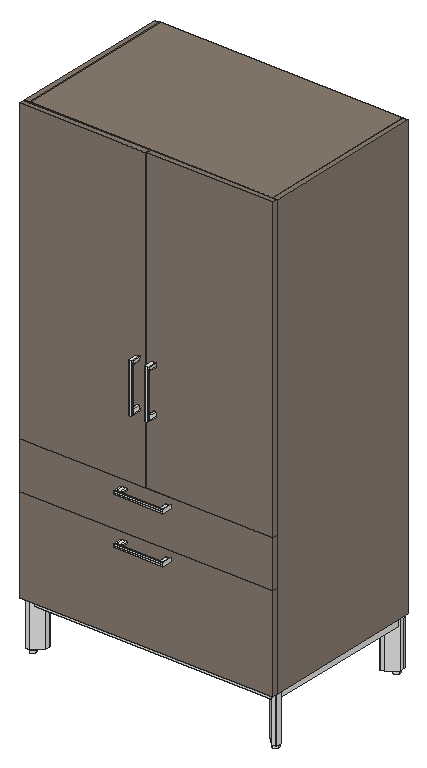
Revit family "Storage-Teknion-CTCE_Double_Combination_Tower_Elevated-R2021", category Furniture, Revit 2021 (continued)
Dimensions and locks (in)
  locked: Sweep 6 sketch curve to plane 5 "Right" at 0.72441
  Sweep 7 sketch curve to Sweep 7 sketch curve to plane 9 = 1.03937" locked, 61.96063" locked
  "Shelf 5/Top 6E - Front Distance": plane 7 "Front" to Sweep 7 sketch curve
  locked: plane 4 "Left" to Sweep 7 sketch curve at 0.72441
  locked: Sweep 7 sketch curve to plane 5 "Right" at 0.72441
  locked: Sweep 8 sketch curve to plane 9 at 1.03937
  locked: plane 4 "Left" to Sweep 8 sketch curve at 0.72441
  locked: Sweep 8 sketch curve to plane 5 "Right" at 0.72441
  Sweep 9 sketch curve to Sweep 9 sketch curve to plane 9 = 1.03937" locked, 75.71063" locked
  locked: plane 4 "Left" to Sweep 9 sketch curve at 0.72441
  locked: Sweep 9 sketch curve to plane 5 "Right" at 0.72441
  locked: Sweep 10 sketch curve to plane 2 at 0.5
  plane 6 "Back" to Sweep 10 sketch curve to Sweep 10 sketch curve to Sweep 10 sketch curve to Sweep 10 sketch curve to Sweep 10 sketch curve to Sweep 10 sketch curve = 0.36811" locked, 0.100" locked, 0.60711" locked, 0.56569" locked, 0.60711" locked, 0.100" locked  (x2)
  plane 4 "Left" to Sweep 10 sketch curve to Sweep 10 sketch curve to Sweep 10 sketch curve to Sweep 10 sketch curve to Sweep 10 sketch curve to Sweep 10 sketch curve = 0.125" locked, 0.100" locked, 0.60711" locked, 0.56569" locked, 0.60711" locked, 0.100" locked  (x2)
  Sweep 10 sketch curve to Sweep 10 sketch curve to Sweep 10 sketch curve to Sweep 10 sketch curve to Sweep 10 sketch curve to Sweep 10 sketch curve to plane 5 "Right" = 0.100" locked, 0.60711" locked, 0.56569" locked, 0.60711" locked, 0.100" locked, 0.125" locked  (x2)
  plane 7 "Front" to Sweep 10 sketch curve to Sweep 10 sketch curve to Sweep 10 sketch curve to Sweep 10 sketch curve to Sweep 10 sketch curve to Sweep 10 sketch curve = 0.84252" locked, 0.100" locked, 0.60711" locked, 0.56569" locked, 0.60711" locked, 0.100" locked  (x2)
  locked: plane 9 to Sweep 11 sketch curve at 0.25
  plane 4 "Left" to Sweep 11 sketch curve to Sweep 11 sketch curve = 0.650" locked, 3.000" locked
  Sweep 11 sketch curve to Sweep 11 sketch curve to plane 5 "Right" = 3.000" locked, 0.650" locked
  plane 6 "Back" to Sweep 11 sketch curve to Sweep 11 sketch curve = 0.89311" locked, 3.000" locked
  plane 7 "Front" to Sweep 11 sketch curve to Sweep 11 sketch curve = 1.36752" locked, 3.000" locked
  locked: plane 4 "Left" to Sweep 12 sketch curve at 0.4
  locked: Sweep 12 sketch curve to plane 5 "Right" at 0.4
  Sweep 12 sketch curve to Sweep 12 sketch curve to Sweep 12 sketch curve to plane 6 "Back" = 0.500" locked, 0.250" locked, 0.64311" locked
  plane 9 to Sweep 12 sketch curve to Sweep 12 sketch curve = 0.250" locked, 0.875" locked
  locked: Sweep 13 sketch curve to plane 2 at 0.27559
  locked: plane 4 "Left" to Sweep 13 sketch curve at 0.75355  (x2)
  locked: plane 6 "Back" to Sweep 13 sketch curve at 0.997  (x2)
  locked: Sweep 13 sketch curve to plane 5 "Right" at 0.75355  (x2)
  locked: plane 7 "Front" to Sweep 13 sketch curve at 1.471  (x2)
  Sweep 14 sketch curve to Sweep 14 sketch curve to plane 2 = 0.22441" locked, 0.27559" locked
  locked: plane 4 "Left" to Sweep 14 sketch curve at 0.75355  (x2)
  locked: plane 6 "Back" to Sweep 14 sketch curve at 0.997  (x2)
  locked: Sweep 14 sketch curve to plane 5 "Right" at 0.75355  (x2)
  "Cut-Out - Knife 1": Sweep 15 sketch curve to Sweep 15 sketch curve
  locked: Sweep 15 sketch curve to plane 3 "Center Left/Right" at 20
  locked: Sweep 16 sketch curve to plane 3 "Center Left/Right" at 20
  "Cut-Out - Knife 2": Sweep 16 sketch curve to Sweep 16 sketch curve
  "Shelf 5/Top 6E - Back Distance": plane 6 "Back" to Sweep 7 sketch curve
  locked: plane 6 "Back" to Sweep 6 sketch curve at 1.47441
  locked: plane 7 "Front" to Sweep 4 sketch curve at 0.84252
  Sweep 15 sketch curve to Sweep 15 sketch curve to Sweep 15 sketch curve to Sweep 15 sketch curve to plane 9 = 1.07973" locked, 12.67027" locked, 1.07973" locked, 34.29511" locked
  Sweep 3 sketch curve to Sweep 3 sketch curve to plane 2 = 1.03937" locked, 20.23031" locked
  locked: plane 6 "Back" to Sweep 12 sketch curve at 0.64311
  locked: plane 7 "Front" to Sweep 12 sketch curve at 1.11752
  locked: plane 7 "Front" to Sweep 14 sketch curve at 1.471
  plane 7 "Front" to Sweep 14 sketch curve = 1.471"
  locked: plane 7 "Front" to Sweep 9 sketch curve at 0.84252
  plane 6 "Back" to Sweep 8 sketch curve to Sweep 8 sketch curve = 0.750" locked, 0.72441" locked
  Sweep 4 sketch curve to Sweep 4 sketch curve to plane 9 = 0.72441" locked, 19.52559" locked
  locked: plane 7 "Front" to Sweep 2 sketch curve at 0.84252
  locked: plane 7 "Front" to Sweep 1 sketch curve at 0.84252
  locked: plane 7 "Front" to Sweep 17 sketch curve at 0.72441
  Sweep 17 sketch curve to plane 3 "Center Left/Right" to Sweep 17 sketch curve = 0.03937" locked, 0.03937" locked
  locked: Sweep 17 sketch curve to plane 4 "Left" at 0.03937
  locked: Sweep 17 sketch curve to plane 5 "Right" at 0.03937
  locked: Sweep 17 sketch curve to plane 9 at 20.28937
  locked: plane 7 "Front" to Sweep 18 sketch curve at 0.72441
  locked: Sweep 18 sketch curve to plane 4 "Left" at 0.03937
  locked: Sweep 18 sketch curve to plane 5 "Right" at 0.03937
  locked: Sweep 18 sketch curve to plane 9 at 20.21063
  locked: Sweep 19 sketch curve to plane 7 "Front" at 1.25
  "Cut-Out - Front - Vertical": Sweep 19 sketch curve to Sweep 19 sketch curve
  Sweep 19 sketch curve to plane 3 "Center Left/Right" to Sweep 19 sketch curve = 0.03937" locked, 0.03937" locked
  locked: Sweep 19 sketch curve to plane 9 at 20.25
  "Cut-Out - Front - Horizontal": Sweep 20 sketch curve to Sweep 20 sketch curve
  locked: Sweep 20 sketch curve to plane 7 "Front" at 1.25
  Sweep 20 sketch curve to Sweep 20 sketch curve to plane 9 = 0.07874" locked, 13.46063" locked
  locked: Sweep 20 sketch curve to plane 5 "Right" at 0.03937
  locked: Sweep 20 sketch curve to plane 4 "Left" at 0.03937
  Sweep 21 sketch curve to Sweep 21 sketch curve to plane 9 = 10.000" locked, 1.53937" locked
  locked: plane 4 "Left" to Sweep 21 sketch curve at 1.24803
  locked: Sweep 21 sketch curve to plane 5 "Right" at 1.24803
  plane 7 "Front" to Sweep 21 sketch curve to Sweep 21 sketch curve = 0.72441" locked, 16.12598" locked
  Sweep 22 sketch curve to Sweep 22 sketch curve to plane 9 = 9.500" locked, 2.03937" locked
  plane 7 "Front" to Sweep 22 sketch curve to Sweep 22 sketch curve = 1.22441" locked, 15.12598" locked
  locked: plane 4 "Left" to Sweep 22 sketch curve at 1.74803
  locked: Sweep 22 sketch curve to plane 5 "Right" at 1.74803
  Sweep 23 sketch curve to Sweep 23 sketch curve to plane 9 = 4.05512" locked, 14.21654" locked
  plane 7 "Front" to Sweep 23 sketch curve to Sweep 23 sketch curve = 0.72441" locked, 16.12598" locked
  locked: plane 4 "Left" to Sweep 23 sketch curve at 1.24803
  locked: Sweep 23 sketch curve to plane 5 "Right" at 1.24803
  Sweep 24 sketch curve to Sweep 24 sketch curve to plane 9 = 3.55512" locked, 14.71654" locked
  plane 7 "Front" to Sweep 24 sketch curve to Sweep 24 sketch curve = 1.22441" locked, 15.12598" locked
  locked: plane 4 "Left" to Sweep 24 sketch curve at 1.74803
  locked: Sweep 24 sketch curve to plane 5 "Right" at 1.74803
  plane 7 "Front" to Sweep 15 sketch curve to Sweep 15 sketch curve = 1.23077" locked, 2.96652" locked  (x2)
  plane 9 to Sweep 16 sketch curve to Sweep 16 sketch curve = 61.79511" locked, 1.07973" locked
  plane 7 "Front" to Sweep 16 sketch curve to Sweep 16 sketch curve = 1.23125" locked, 2.96652" locked
  Sweep 25 sketch curve to Sweep 25 sketch curve to Sweep 25 sketch curve to Sweep 25 sketch curve to Sweep 25 sketch curve to plane 7 "Front" to Sweep 25 sketch curve = 0.000" locked, 0.15433" locked, 0.000" locked, 0.08119" locked, 0.565" locked, 0.6095" locked
  Sweep 25 sketch curve to Sweep 25 sketch curve to Sweep 25 sketch curve to Sweep 25 sketch curve to Sweep 25 sketch curve to plane 9 = 0.196" locked, 0.175" locked, 0.175" locked, 0.196" locked, 18.71364" locked
  locked: Sweep 25 sketch curve to plane 7 "Front" at 0.565
  Sweep 25 sketch curve to plane 3 "Center Left/Right" to Sweep 25 sketch curve = 10.68832" locked, 10.68832" locked
  locked: Sweep 26 sketch curve to plane 7 "Front" at 0.565
  Sweep 26 sketch curve to Sweep 26 sketch curve to plane 9 = 0.350" locked, 18.90965" locked
  Sweep 26 sketch curve to plane 3 "Center Left/Right" to Sweep 26 sketch curve = 10.68832" locked, 10.68832" locked
  Sweep 27 sketch curve to plane 3 "Center Left/Right" to Sweep 27 sketch curve = 3.500" locked, 3.500" locked
  plane 9 to Sweep 27 sketch curve to Sweep 27 sketch curve to Sweep 27 sketch curve to Sweep 27 sketch curve to Sweep 27 sketch curve to Sweep 27 sketch curve to Sweep 27 sketch curve to Sweep 27 sketch curve to Sweep 27 sketch curve to Sweep 27 sketch curve to Sweep 27 sketch curve to Sweep 27 sketch curve = 12.1159" locked, 0.07085" locked, 0.1479" locked, 0.000" locked, 0.1479" locked, 0.07085" locked, 6.3125" locked, 0.07085" locked, 0.1479" locked, 0.000" locked, 0.1479" locked, 0.07085" locked
  Sweep 27 sketch curve to Sweep 27 sketch curve to Sweep 27 sketch curve to Sweep 27 sketch curve to Sweep 27 sketch curve to Sweep 27 sketch curve to Sweep 27 sketch curve to Sweep 27 sketch curve to plane 7 "Front" = 0.000" locked, 0.12801" locked, 0.000" locked, 0.12174" locked, 0.05823" locked, 0.000" locked, 0.5084" locked, 0.59231" locked  (x2)
  locked: Sweep 28 sketch curve to plane 7 "Front" at 1.28069
  Sweep 28 sketch curve to Sweep 28 sketch curve to Sweep 28 sketch curve to Sweep 28 sketch curve to Sweep 28 sketch curve to Sweep 28 sketch curve to Sweep 28 sketch curve to Sweep 28 sketch curve to Sweep 28 sketch curve to Sweep 28 sketch curve to plane 9 = 0.07085" locked, 0.1479" locked, 0.1479" locked, 0.07085" locked, 6.3125" locked, 0.07085" locked, 0.1479" locked, 0.1479" locked, 0.07085" locked, 12.1159" locked  (x2)
  Sweep 28 sketch curve to Sweep 28 sketch curve to Sweep 28 sketch curve to Sweep 28 sketch curve to Sweep 28 sketch curve to Sweep 28 sketch curve to plane 3 "Center Left/Right" to Sweep 28 sketch curve to Sweep 28 sketch curve to Sweep 28 sketch curve to Sweep 28 sketch curve to Sweep 28 sketch curve to Sweep 28 sketch curve = 0.13876" locked, 0.000" locked, 0.45236" locked, 0.03343" locked, 0.000" locked, 2.87545" locked, 2.87545" locked, 0.000" locked, 0.03343" locked, 0.45236" locked, 0.000" locked, 0.13876" locked  (x2)
  equal spacing: plane 4 "Left", plane 10, plane 3 "Center Left/Right"
  equal spacing: plane 3 "Center Left/Right", plane 11, plane 5 "Right"
  Sweep 29 sketch curve to plane 10 to Sweep 29 sketch curve = 3.500" locked, 3.500" locked
  plane 9 to Sweep 29 sketch curve to Sweep 29 sketch curve to Sweep 29 sketch curve to Sweep 29 sketch curve to Sweep 29 sketch curve to Sweep 29 sketch curve = 18.8659" locked, 0.07085" locked, 0.1479" locked, 0.000" locked, 0.1479" locked, 0.07085" locked
  Sweep 29 sketch curve to Sweep 29 sketch curve to Sweep 29 sketch curve to Sweep 29 sketch curve to Sweep 29 sketch curve to Sweep 29 sketch curve to Sweep 29 sketch curve to Sweep 29 sketch curve to plane 7 "Front" = 0.000" locked, 0.12801" locked, 0.000" locked, 0.12174" locked, 0.05823" locked, 0.000" locked, 0.5084" locked, 0.59231" locked
  Sweep 30 sketch curve to plane 11 to Sweep 30 sketch curve = 3.500" locked, 3.500" locked
  plane 9 to Sweep 30 sketch curve to Sweep 30 sketch curve to Sweep 30 sketch curve to Sweep 30 sketch curve to Sweep 30 sketch curve to Sweep 30 sketch curve = 18.8659" locked, 0.07085" locked, 0.1479" locked, 0.000" locked, 0.1479" locked, 0.07085" locked
  Sweep 30 sketch curve to Sweep 30 sketch curve to Sweep 30 sketch curve to Sweep 30 sketch curve to Sweep 30 sketch curve to Sweep 30 sketch curve to Sweep 30 sketch curve to Sweep 30 sketch curve to plane 7 "Front" = 0.000" locked, 0.12801" locked, 0.000" locked, 0.12174" locked, 0.05823" locked, 0.000" locked, 0.5084" locked, 0.59231" locked
  locked: Sweep 31 sketch curve to plane 7 "Front" at 1.28069
  Sweep 31 sketch curve to Sweep 31 sketch curve to Sweep 31 sketch curve to Sweep 31 sketch curve to Sweep 31 sketch curve to plane 9 = 0.07085" locked, 0.1479" locked, 0.1479" locked, 0.07085" locked, 18.8659" locked  (x4)
  Sweep 31 sketch curve to Sweep 31 sketch curve to Sweep 31 sketch curve to Sweep 31 sketch curve to Sweep 31 sketch curve to Sweep 31 sketch curve to plane 10 to Sweep 31 sketch curve to Sweep 31 sketch curve to Sweep 31 sketch curve to Sweep 31 sketch curve to Sweep 31 sketch curve to Sweep 31 sketch curve = 0.13876" locked, 0.000" locked, 0.45236" locked, 0.03343" locked, 0.000" locked, 2.87545" locked, 2.87545" locked, 0.000" locked, 0.03343" locked, 0.45236" locked, 0.000" locked, 0.13876" locked
  Sweep 31 sketch curve to Sweep 31 sketch curve to Sweep 31 sketch curve to Sweep 31 sketch curve to Sweep 31 sketch curve to Sweep 31 sketch curve to plane 11 to Sweep 31 sketch curve to Sweep 31 sketch curve to Sweep 31 sketch curve to Sweep 31 sketch curve to Sweep 31 sketch curve to Sweep 31 sketch curve = 0.13876" locked, 0.000" locked, 0.45236" locked, 0.03343" locked, 0.000" locked, 2.87545" locked, 2.87545" locked, 0.000" locked, 0.03343" locked, 0.45236" locked, 0.000" locked, 0.13876" locked
  locked: Sweep 32 sketch curve to plane 7 "Front" at 2
  "Cut-Out - Extended Pull - OH & HH": Sweep 32 sketch curve to Sweep 32 sketch curve
  Sweep 32 sketch curve to Sweep 32 sketch curve to plane 9 = 1.000" locked, 18.58465" locked
  Sweep 32 sketch curve to plane 3 "Center Left/Right" to Sweep 32 sketch curve = 0.07874" locked, 0.07874" locked
  Sweep 33 sketch curve to plane 3 "Center Left/Right" to Sweep 33 sketch curve = 10.68832" locked, 10.68832" locked
  locked: Sweep 33 sketch curve to plane 7 "Front" at 0.565
  Sweep 33 sketch curve to Sweep 33 sketch curve to Sweep 33 sketch curve to Sweep 33 sketch curve to Sweep 33 sketch curve to plane 7 "Front" to Sweep 33 sketch curve = 0.000" locked, 0.15433" locked, 0.000" locked, 0.08119" locked, 0.565" locked, 0.6095" locked
  Sweep 33 sketch curve to Sweep 33 sketch curve to Sweep 33 sketch curve to Sweep 33 sketch curve to Sweep 33 sketch curve to plane 9 = 0.196" locked, 0.175" locked, 0.175" locked, 0.196" locked, 11.96364" locked
  locked: Sweep 34 sketch curve to plane 7 "Front" at 0.565
  Sweep 34 sketch curve to Sweep 34 sketch curve to plane 9 = 0.350" locked, 12.15965" locked
  Sweep 34 sketch curve to plane 3 "Center Left/Right" to Sweep 34 sketch curve = 10.68832" locked, 10.68832" locked
  plane 9 to Sweep 35 sketch curve to Sweep 35 sketch curve = 30.0783" locked, 21.37664" locked
  locked: Sweep 35 sketch curve to plane 7 "Front" at 0.565
  Sweep 35 sketch curve to Sweep 35 sketch curve to Sweep 35 sketch curve to Sweep 35 sketch curve to Sweep 35 sketch curve to plane 7 "Front" to Sweep 35 sketch curve = 0.000" locked, 0.15433" locked, 0.000" locked, 0.08119" locked, 0.565" locked, 0.6095" locked  (x2)
  Sweep 35 sketch curve to Sweep 35 sketch curve to Sweep 35 sketch curve to Sweep 35 sketch curve to Sweep 35 sketch curve to plane 3 "Center Left/Right" = 0.196" locked, 0.175" locked, 0.175" locked, 0.196" locked, 0.79435" locked  (x2)
  locked: Sweep 36 sketch curve to plane 7 "Front" at 0.565
  Sweep 36 sketch curve to Sweep 36 sketch curve to plane 3 "Center Left/Right" to Sweep 36 sketch curve to Sweep 36 sketch curve = 0.350" locked, 0.99035" locked, 0.99035" locked, 0.350" locked
  Sweep 36 sketch curve to Sweep 36 sketch curve to plane 9 = 21.37664" locked, 30.0783" locked
  locked: Sweep 37 sketch curve to plane 7 "Front" at 1.32877
  plane 3 "Center Left/Right" to Sweep 37 sketch curve to Sweep 37 sketch curve to Sweep 37 sketch curve to Sweep 37 sketch curve to Sweep 37 sketch curve = 0.9466" locked, 0.07085" locked, 0.1479" locked, 0.1479" locked, 0.07085" locked  (x4)
  plane 9 to Sweep 37 sketch curve to Sweep 37 sketch curve to Sweep 37 sketch curve to Sweep 37 sketch curve to Sweep 37 sketch curve to Sweep 37 sketch curve to Sweep 37 sketch curve to Sweep 37 sketch curve to Sweep 37 sketch curve to Sweep 37 sketch curve to Sweep 37 sketch curve to Sweep 37 sketch curve = 29.74692" locked, 0.13876" locked, 0.000" locked, 0.45236" locked, 0.03343" locked, 0.000" locked, 5.75091" locked, 0.000" locked, 0.03343" locked, 0.45236" locked, 0.000" locked, 0.13876" locked  (x2)
  Sweep 38 sketch curve to Sweep 38 sketch curve to plane 9 = 7.000" locked, 29.74692" locked
  Sweep 38 sketch curve to Sweep 38 sketch curve to Sweep 38 sketch curve to Sweep 38 sketch curve to Sweep 38 sketch curve to Sweep 38 sketch curve to plane 3 "Center Left/Right" = 0.07085" locked, 0.1479" locked, 0.000" locked, 0.1479" locked, 0.07085" locked, 0.9466" locked
  Sweep 38 sketch curve to Sweep 38 sketch curve to Sweep 38 sketch curve to Sweep 38 sketch curve to Sweep 38 sketch curve to Sweep 38 sketch curve to Sweep 38 sketch curve to Sweep 38 sketch curve to plane 7 "Front" = 0.000" locked, 0.12801" locked, 0.000" locked, 0.12174" locked, 0.05823" locked, 0.000" locked, 0.5084" locked, 0.59231" locked  (x2)
  plane 3 "Center Left/Right" to Sweep 38 sketch curve to Sweep 38 sketch curve to Sweep 38 sketch curve to Sweep 38 sketch curve to Sweep 38 sketch curve to Sweep 38 sketch curve = 0.9466" locked, 0.07085" locked, 0.1479" locked, 0.000" locked, 0.1479" locked, 0.07085" locked
  locked: plane 8 "Top" to Sweep 8 sketch curve at 1.03937
  aligned and locked: level to plane 2
  aligned and locked: Sweep 1 sketch curve to plane 3 "Center Left/Right"
  aligned and locked: plane 8 "Top" to Sweep 1 sketch curve
  aligned and locked: plane 9 to Sweep 1 sketch curve
  aligned and locked: plane 6 "Back" to Sweep 1 sketch curve  (x2)
  aligned and locked: Sweep 1 sketch curve to plane 5 "Right"
  aligned and locked: Sweep 1 sketch curve to plane 4 "Left"
  aligned and locked: plane 9 to Sweep 2 sketch curve
  aligned and locked: Sweep 2 sketch curve to plane 3 "Center Left/Right"
  aligned and locked: plane 6 "Back" to Sweep 2 sketch curve
  aligned and locked: Sweep 3 sketch curve to plane 3 "Center Left/Right"
  aligned and locked: Sweep 4 sketch curve to plane 3 "Center Left/Right"
  aligned and locked: Sweep 5 sketch curve to plane 3 "Center Left/Right"
  aligned and locked: Sweep 6 sketch curve to plane 3 "Center Left/Right"
  aligned and locked: Sweep 7 sketch curve to plane 3 "Center Left/Right"
  aligned and locked: Sweep 8 sketch curve to plane 3 "Center Left/Right"
  aligned and locked: Sweep 9 sketch curve to plane 3 "Center Left/Right"
  aligned and locked: plane 9 to Sweep 10 sketch curve
  aligned and locked: plane 3 "Center Left/Right" to Sweep 10 sketch curve
  aligned and locked: plane 3 "Center Left/Right" to Sweep 11 sketch curve
  aligned and locked: plane 9 to Sweep 11 sketch curve
  aligned and locked: Sweep 11 sketch curve to Sweep 11 sketch curve  (x8)
  aligned and locked: Sweep 12 sketch curve to plane 9
  aligned and locked: Sweep 13 sketch curve to plane 3 "Center Left/Right"
  aligned and locked: plane 2 to Sweep 13 sketch curve
  aligned and locked: Sweep 14 sketch curve to plane 3 "Center Left/Right"
  aligned and locked: plane 1 "Center Front/Back" to Sweep 15 sketch curve
  aligned and locked: Sweep 16 sketch curve to plane 1 "Center Front/Back"
  aligned and locked: Sweep 1 sketch curve to Sweep 1 sketch curve
  aligned and locked: plane 3 "Center Left/Right" to Sweep 17 sketch curve
  aligned and locked: plane 7 "Front" to Sweep 17 sketch curve
  aligned and locked: plane 8 "Top" to Sweep 17 sketch curve  (x2)
  aligned and locked: Sweep 18 sketch curve to plane 3 "Center Left/Right"
  aligned and locked: plane 7 "Front" to Sweep 18 sketch curve
  aligned and locked: Sweep 18 sketch curve to plane 9
  aligned and locked: Sweep 19 sketch curve to plane 3 "Center Left/Right"
  aligned and locked: plane 9 to Sweep 19 sketch curve
  aligned and locked: Sweep 20 sketch curve to plane 3 "Center Left/Right"
  aligned and locked: Sweep 21 sketch curve to plane 3 "Center Left/Right"
  aligned and locked: Sweep 22 sketch curve to plane 3 "Center Left/Right"
  aligned and locked: Sweep 23 sketch curve to plane 3 "Center Left/Right"
  aligned and locked: Sweep 24 sketch curve to plane 3 "Center Left/Right"
  aligned and locked: plane 7 "Front" to Sweep 25 sketch curve  (x2)
  aligned and locked: plane 7 "Front" to Sweep 26 sketch curve
  aligned and locked: Sweep 26 sketch curve to plane 3 "Center Left/Right"
  aligned and locked: Sweep 27 sketch curve to plane 7 "Front"
  aligned and locked: Sweep 28 sketch curve to plane 3 "Center Left/Right"
  aligned and locked: plane 7 "Front" to Sweep 28 sketch curve
  aligned and locked: plane 7 "Front" to Sweep 29 sketch curve
  aligned and locked: plane 7 "Front" to Sweep 30 sketch curve
  aligned and locked: plane 7 "Front" to Sweep 31 sketch curve
  aligned and locked: Sweep 31 sketch curve to plane 3 "Center Left/Right"
  aligned and locked: Sweep 32 sketch curve to plane 3 "Center Left/Right"
  aligned and locked: plane 7 "Front" to Sweep 33 sketch curve  (x2)
  aligned and locked: plane 7 "Front" to Sweep 34 sketch curve
  aligned and locked: Sweep 34 sketch curve to plane 3 "Center Left/Right"
  aligned and locked: plane 7 "Front" to Sweep 35 sketch curve  (x2)
  aligned and locked: Sweep 36 sketch curve to plane 3 "Center Left/Right"
  aligned and locked: plane 7 "Front" to Sweep 36 sketch curve
  aligned and locked: Sweep 36 sketch curve to Sweep 36 sketch curve  (x2)
  aligned and locked: Sweep 37 sketch curve to plane 3 "Center Left/Right"
  aligned and locked: plane 7 "Front" to Sweep 37 sketch curve
  aligned and locked: plane 7 "Front" to Sweep 38 sketch curve
  aligned and locked: Masking region 1 sketch curve to plane 6 "Back"
  aligned and locked: plane 5 "Right" to Masking region 1 sketch curve
  aligned and locked: plane 4 "Left" to Masking region 1 sketch curve
  aligned and locked: Masking region 1 sketch curve to Sweep 1
  aligned and locked: Masking region 2 sketch curve to Sweep 1
  aligned and locked: Masking region 2 sketch curve to cut or joined group of Sweep 23, Sweep 24  (x2)
  aligned and locked: Sweep 17 to Masking region 2 sketch curve
  aligned and locked: Masking region 3 sketch curve to Sweep 17  (x7)
  aligned and locked: Sweep 17 to Masking region 3 sketch curve
  aligned and locked: Masking region 4 sketch curve to Sweep 17  (x4)
  aligned and locked: Masking region 5 sketch curve to cut or joined group of Sweep 25, Sweep 26, Sweep 32  (x3)
  aligned and locked: plane 7 "Front" to Masking region 5 sketch curve
  aligned and locked: Masking region 6 sketch curve to cut or joined group of Sweep 29, Sweep 30, Sweep 31  (x10)
  aligned and locked: plane 7 "Front" to Masking region 6 sketch curve  (x4)
  aligned and locked: cut or joined group of Sweep 29, Sweep 30, Sweep 31 to Masking region 6 sketch curve  (x2)
  aligned and locked: Masking region 7 sketch curve to cut or joined group of Sweep 37, Sweep 38  (x10)
  aligned and locked: cut or joined group of Sweep 27, Sweep 28 to Masking region 8 sketch curve  (x2)
  aligned and locked: Masking region 8 sketch curve to cut or joined group of Sweep 27, Sweep 28  (x6)
  aligned and locked: Masking region 9 sketch curve to cut or joined group of Sweep 27, Sweep 28  (x9)
  aligned and locked: Masking region 9 sketch curve to cut or joined group of Sweep 37, Sweep 38  (x6)
  aligned and locked: cut or joined group of Sweep 27, Sweep 28 to Masking region 9 sketch curve
  aligned and locked: cut or joined group of Sweep 25, Sweep 26, Sweep 32 to Masking region 10 sketch curve  (x4)
  aligned and locked: Masking region 10 sketch curve to cut or joined group of Sweep 25, Sweep 26, Sweep 32  (x4)
  aligned and locked: curve 1 to cut or joined group of Sweep 23, Sweep 24
  aligned and locked: curve 2 to cut or joined group of Sweep 23, Sweep 24
  aligned and locked: curve 3 to cut or joined group of Sweep 23, Sweep 24
  aligned and locked: curve 4 to cut or joined group of Sweep 23, Sweep 24
  aligned and locked: curve 5 to cut or joined group of Sweep 23, Sweep 24
  aligned and locked: curve 6 to cut or joined group of Sweep 23, Sweep 24
  aligned and locked: curve 7 to cut or joined group of Sweep 23, Sweep 24
  aligned and locked: curve 8 to Sweep 1
  aligned and locked: curve 9 to Sweep 1
  aligned and locked: plane 6 "Back" to Sweep 9 sketch curve
  aligned and locked: curve 10 to Sweep 8
  aligned and locked: curve 11 to Sweep 8
  aligned and locked: curve 12 to cut or joined group of Sweep 6, Sweep 15
  aligned and locked: curve 14 to Sweep 17
  aligned and locked: curve 15 to Sweep 17
  aligned and locked: curve 16 to Masking region 7
  aligned and locked: curve 17 to Masking region 7
  aligned and locked: curve 18 to Masking region 7
  aligned and locked: curve 19 to Masking region 7
  aligned and locked: curve 20 to Masking region 7
  aligned and locked: curve 21 to Masking region 7
  aligned and locked: curve 22 to Masking region 7
  aligned and locked: curve 23 to Masking region 7
  aligned and locked: curve 24 to cut or joined group of Sweep 37, Sweep 38
  aligned and locked: curve 27 to cut or joined group of Sweep 37, Sweep 38
  aligned and locked: curve 28 to cut or joined group of Sweep 37, Sweep 38
  aligned and locked: curve 29 to cut or joined group of Sweep 37, Sweep 38
  aligned and locked: curve 31 to cut or joined group of Sweep 37, Sweep 38
  aligned and locked: curve 33 to cut or joined group of Sweep 37, Sweep 38
  aligned and locked: curve 34 to cut or joined group of Sweep 37, Sweep 38
  aligned and locked: curve 35 to cut or joined group of Sweep 37, Sweep 38
  aligned and locked: curve 36 to cut or joined group of Sweep 35, Sweep 36
  aligned and locked: curve 37 to cut or joined group of Sweep 35, Sweep 36
  aligned and locked: curve 38 to cut or joined group of Sweep 35, Sweep 36
  aligned and locked: curve 39 to cut or joined group of Sweep 35, Sweep 36
  aligned and locked: curve 40 to cut or joined group of Sweep 35, Sweep 36
  aligned and locked: curve 41 to cut or joined group of Sweep 35, Sweep 36
  aligned and locked: curve 42 to cut or joined group of Sweep 35, Sweep 36
  aligned and locked: curve 43 to cut or joined group of Sweep 35, Sweep 36
  aligned and locked: curve 44 to cut or joined group of Sweep 35, Sweep 36
  aligned and locked: curve 45 to cut or joined group of Sweep 35, Sweep 36
  aligned and locked: curve 46 to cut or joined group of Sweep 35, Sweep 36
  aligned and locked: curve 47 to cut or joined group of Sweep 35, Sweep 36
  aligned and locked: curve 48 to cut or joined group of Sweep 35, Sweep 36
  aligned and locked: curve 49 to cut or joined group of Sweep 35, Sweep 36
  aligned and locked: curve 50 to cut or joined group of Sweep 35, Sweep 36
  aligned and locked: curve 51 to cut or joined group of Sweep 35, Sweep 36
  aligned and locked: curve 53 to cut or joined group of Sweep 25, Sweep 26, Sweep 32
  aligned and locked: cut or joined group of Sweep 25, Sweep 26, Sweep 32 to curve 61
  aligned and locked: curve 58 to cut or joined group of Sweep 25, Sweep 26, Sweep 32
  aligned and locked: curve 62 to cut or joined group of Sweep 25, Sweep 26, Sweep 32
  aligned and locked: curve 65 to cut or joined group of Sweep 25, Sweep 26, Sweep 32
  aligned and locked: cut or joined group of Sweep 33, Sweep 34 to curve 67
  aligned and locked: curve 72 to Masking region 8
  aligned and locked: curve 73 to Masking region 8
  aligned and locked: curve 74 to cut or joined group of Sweep 10, Sweep 11, Sweep 12, Sweep 13, Sweep 14
  aligned and locked: curve 75 to cut or joined group of Sweep 10, Sweep 11, Sweep 12, Sweep 13, Sweep 14
  aligned and locked: curve 76 to cut or joined group of Sweep 10, Sweep 11, Sweep 12, Sweep 13, Sweep 14
  aligned and locked: curve 77 to cut or joined group of Sweep 10, Sweep 11, Sweep 12, Sweep 13, Sweep 14
  aligned and locked: curve 78 to cut or joined group of Sweep 10, Sweep 11, Sweep 12, Sweep 13, Sweep 14
  aligned and locked: curve 79 to cut or joined group of Sweep 10, Sweep 11, Sweep 12, Sweep 13, Sweep 14
  aligned and locked: curve 80 to cut or joined group of Sweep 10, Sweep 11, Sweep 12, Sweep 13, Sweep 14
  aligned and locked: curve 81 to cut or joined group of Sweep 10, Sweep 11, Sweep 12, Sweep 13, Sweep 14
  aligned and locked: curve 82 to cut or joined group of Sweep 10, Sweep 11, Sweep 12, Sweep 13, Sweep 14
  aligned and locked: curve 83 to cut or joined group of Sweep 10, Sweep 11, Sweep 12, Sweep 13, Sweep 14
  aligned and locked: curve 84 to cut or joined group of Sweep 10, Sweep 11, Sweep 12, Sweep 13, Sweep 14
  aligned and locked: curve 85 to cut or joined group of Sweep 10, Sweep 11, Sweep 12, Sweep 13, Sweep 14
  aligned and locked: curve 86 to cut or joined group of Sweep 10, Sweep 11, Sweep 12, Sweep 13, Sweep 14
  aligned and locked: curve 87 to cut or joined group of Sweep 10, Sweep 11, Sweep 12, Sweep 13, Sweep 14
  aligned and locked: curve 88 to cut or joined group of Sweep 10, Sweep 11, Sweep 12, Sweep 13, Sweep 14
  aligned and locked: curve 89 to cut or joined group of Sweep 10, Sweep 11, Sweep 12, Sweep 13, Sweep 14
  aligned and locked: curve 90 to cut or joined group of Sweep 10, Sweep 11, Sweep 12, Sweep 13, Sweep 14
  aligned and locked: curve 91 to cut or joined group of Sweep 10, Sweep 11, Sweep 12, Sweep 13, Sweep 14
  aligned and locked: curve 92 to cut or joined group of Sweep 10, Sweep 11, Sweep 12, Sweep 13, Sweep 14
  aligned and locked: curve 93 to cut or joined group of Sweep 10, Sweep 11, Sweep 12, Sweep 13, Sweep 14
  aligned and locked: curve 94 to cut or joined group of Sweep 10, Sweep 11, Sweep 12, Sweep 13, Sweep 14
  aligned and locked: curve 96 to cut or joined group of Sweep 10, Sweep 11, Sweep 12, Sweep 13, Sweep 14
  aligned and locked: curve 97 to cut or joined group of Sweep 10, Sweep 11, Sweep 12, Sweep 13, Sweep 14
  aligned and locked: cut or joined group of Sweep 10, Sweep 11, Sweep 12, Sweep 13, Sweep 14 to curve 98
  aligned and locked: curve 99 to cut or joined group of Sweep 10, Sweep 11, Sweep 12, Sweep 13, Sweep 14
  aligned and locked: curve 101 to cut or joined group of Sweep 10, Sweep 11, Sweep 12, Sweep 13, Sweep 14
  aligned and locked: cut or joined group of Sweep 10, Sweep 11, Sweep 12, Sweep 13, Sweep 14 to curve 102
  aligned and locked: curve 103 to cut or joined group of Sweep 10, Sweep 11, Sweep 12, Sweep 13, Sweep 14
  aligned and locked: curve 105 to cut or joined group of Sweep 10, Sweep 11, Sweep 12, Sweep 13, Sweep 14
  aligned and locked: curve 106 to cut or joined group of Sweep 10, Sweep 11, Sweep 12, Sweep 13, Sweep 14
  aligned and locked: curve 108 to cut or joined group of Sweep 10, Sweep 11, Sweep 12, Sweep 13, Sweep 14
  aligned and locked: curve 109 to cut or joined group of Sweep 10, Sweep 11, Sweep 12, Sweep 13, Sweep 14
  aligned and locked: cut or joined group of Sweep 10, Sweep 11, Sweep 12, Sweep 13, Sweep 14 to curve 110
  aligned and locked: curve 111 to cut or joined group of Sweep 10, Sweep 11, Sweep 12, Sweep 13, Sweep 14
  aligned and locked: curve 113 to cut or joined group of Sweep 10, Sweep 11, Sweep 12, Sweep 13, Sweep 14
  aligned and locked: curve 114 to cut or joined group of Sweep 10, Sweep 11, Sweep 12, Sweep 13, Sweep 14
  aligned and locked: curve 116 to cut or joined group of Sweep 10, Sweep 11, Sweep 12, Sweep 13, Sweep 14
  aligned and locked: curve 117 to cut or joined group of Sweep 10, Sweep 11, Sweep 12, Sweep 13, Sweep 14
  aligned and locked: curve 118 to cut or joined group of Sweep 10, Sweep 11, Sweep 12, Sweep 13, Sweep 14
  aligned and locked: cut or joined group of Sweep 10, Sweep 11, Sweep 12, Sweep 13, Sweep 14 to curve 119
  aligned and locked: curve 120 to cut or joined group of Sweep 10, Sweep 11, Sweep 12, Sweep 13, Sweep 14
  aligned and locked: curve 122 to cut or joined group of Sweep 10, Sweep 11, Sweep 12, Sweep 13, Sweep 14
  aligned and locked: curve 124 to cut or joined group of Sweep 10, Sweep 11, Sweep 12, Sweep 13, Sweep 14
  aligned and locked: curve 125 to cut or joined group of Sweep 10, Sweep 11, Sweep 12, Sweep 13, Sweep 14
  aligned and locked: curve 126 to cut or joined group of Sweep 10, Sweep 11, Sweep 12, Sweep 13, Sweep 14
  aligned and locked: curve 127 to cut or joined group of Sweep 10, Sweep 11, Sweep 12, Sweep 13, Sweep 14
  aligned and locked: curve 128 to cut or joined group of Sweep 10, Sweep 11, Sweep 12, Sweep 13, Sweep 14
  aligned and locked: curve 129 to cut or joined group of Sweep 10, Sweep 11, Sweep 12, Sweep 13, Sweep 14
  aligned and locked: curve 130 to cut or joined group of Sweep 10, Sweep 11, Sweep 12, Sweep 13, Sweep 14
  aligned and locked: curve 131 to cut or joined group of Sweep 10, Sweep 11, Sweep 12, Sweep 13, Sweep 14
  aligned and locked: curve 132 to cut or joined group of Sweep 10, Sweep 11, Sweep 12, Sweep 13, Sweep 14
  aligned and locked: curve 133 to cut or joined group of Sweep 10, Sweep 11, Sweep 12, Sweep 13, Sweep 14
  aligned and locked: curve 134 to cut or joined group of Sweep 10, Sweep 11, Sweep 12, Sweep 13, Sweep 14
  aligned and locked: curve 135 to cut or joined group of Sweep 10, Sweep 11, Sweep 12, Sweep 13, Sweep 14
  aligned and locked: curve 136 to cut or joined group of Sweep 10, Sweep 11, Sweep 12, Sweep 13, Sweep 14
  aligned and locked: curve 137 to cut or joined group of Sweep 10, Sweep 11, Sweep 12, Sweep 13, Sweep 14
  aligned and locked: curve 138 to cut or joined group of Sweep 10, Sweep 11, Sweep 12, Sweep 13, Sweep 14
  aligned and locked: curve 139 to cut or joined group of Sweep 10, Sweep 11, Sweep 12, Sweep 13, Sweep 14
  aligned and locked: curve 140 to cut or joined group of Sweep 10, Sweep 11, Sweep 12, Sweep 13, Sweep 14
  aligned and locked: curve 141 to cut or joined group of Sweep 10, Sweep 11, Sweep 12, Sweep 13, Sweep 14
  aligned and locked: curve 142 to Sweep 1
  aligned and locked: curve 143 to cut or joined group of Sweep 18, Sweep 19, Sweep 20
  aligned and locked: curve 144 to Sweep 1
  aligned and locked: curve 145 to Sweep 2
  aligned and locked: nested 2 to plane 6 "Back"
  aligned and locked: nested 2 to plane 5 "Right"
  aligned and locked: plane 4 "Left" to nested 1
  aligned and locked: nested 1 to plane 6 "Back"
Automatic sketch dimensions
  Sweep 13 sketch curve to Sweep 13 sketch curve = 0.000"  (x8)
  Sweep 13 sketch curve to Sweep 13 sketch curve = 0.41339"  (x4)
  Sweep 14 sketch curve to Sweep 14 sketch curve = 0.000"  (x8)
  Sweep 14 sketch curve to Sweep 14 sketch curve = 0.1875"  (x4)
  Sweep 17 sketch curve to Sweep 17 sketch curve = 0.000"
  Sweep 27 sketch curve to Sweep 27 sketch curve = 0.000"  (x2)
  Sweep 28 sketch curve to Sweep 28 sketch curve = 0.000"  (x2)
  Sweep 29 sketch curve to Sweep 29 sketch curve = 0.21875"
  Sweep 29 sketch curve to Sweep 29 sketch curve = 0.000"
  Sweep 30 sketch curve to Sweep 30 sketch curve = 0.000"
  Sweep 30 sketch curve to Sweep 30 sketch curve = 0.21875"
  Sweep 31 sketch curve to Sweep 31 sketch curve = 0.000"  (x2)
  Sweep 33 sketch curve to Sweep 33 sketch curve = 0.175"
  Sweep 35 sketch curve to Sweep 35 sketch curve = 0.175"
  Sweep 37 sketch curve to Sweep 37 sketch curve = 0.000"  (x2)
  Sweep 38 sketch curve to Sweep 38 sketch curve = 0.21875"  (x2)
  Sweep 38 sketch curve to Sweep 38 sketch curve = 0.000"  (x2)
  Masking region 7 sketch curve to Masking region 7 sketch curve = 0.21875"  (x2)
  curve 9 to plane 6 "Back" = 0.000"
  curve 8 to plane 6 "Back" = 0.000"
  plane 7 "Front" to curve 65 = 0.000"
  plane 7 "Front" to curve 17 = 0.000"
  plane 7 "Front" to curve 64 = 0.000"
  plane 7 "Front" to curve 62 = 0.000"
  plane 7 "Front" to curve 61 = 0.000"
  plane 7 "Front" to curve 58 = 0.000"
  plane 7 "Front" to curve 57 = 0.000"
  plane 7 "Front" to curve 53 = 0.000"
  plane 7 "Front" to curve 69 = 0.000"
  plane 7 "Front" to curve 50 = 0.000"
  plane 7 "Front" to curve 49 = 0.000"
  plane 7 "Front" to curve 21 = 0.000"
  plane 7 "Front" to curve 46 = 0.000"
  plane 7 "Front" to curve 45 = 0.000"
  plane 7 "Front" to curve 43 = 0.000"
  plane 7 "Front" to curve 16 = 0.000"
  plane 7 "Front" to curve 15 = 0.000"
  plane 7 "Front" to curve 40 = 0.000"
  plane 7 "Front" to curve 24 = 0.000"
  plane 7 "Front" to curve 20 = 0.000"
  plane 7 "Front" to curve 25 = 0.000"
  plane 7 "Front" to curve 14 = 0.000"
  plane 7 "Front" to curve 37 = 0.000"
  plane 7 "Front" to curve 36 = 0.000"
  plane 7 "Front" to curve 31 = 0.000"
  plane 7 "Front" to curve 30 = 0.000"
  curve 22 to curve 22 = 0.21875"
  curve 35 to curve 34 = 0.000"
  curve 41 to curve 34 = 0.000"
  plane 3 "Center Left/Right" to curve 60 = 0.07874"
  curve 55 to curve 60 = 0.000"
  curve 59 to plane 3 "Center Left/Right" = 0.07874"
  curve 54 to curve 59 = 0.000"  (x2)
  curve 19 to curve 18 = 0.21875"
  curve 38 to curve 72 = 0.21875"
  curve 29 to curve 39 = 0.000"
  curve 8 to curve 3 = 0.11811"
  curve 9 to curve 2 = 0.11811"
  curve 15 to plane 7 "Front" = 0.72441"
  curve 14 to curve 15 = 0.000"
  curve 32 to curve 23 = 0.12801"
  curve 26 to curve 16 = 0.12801"
  curve 126 to curve 119 = 0.07822"
  curve 80 to curve 126 = 0.10389"
  curve 129 to curve 128 = 0.000"
  curve 126 to curve 128 = 0.000"
  curve 80 to curve 130 = 0.10389"
  curve 130 to curve 111 = 0.07822"
  curve 132 to curve 132 = 0.000"
  curve 130 to curve 132 = 0.000"
  curve 135 to curve 92 = 0.10348"
  curve 102 to curve 134 = 0.07863"
  curve 137 to curve 136 = 0.000"
  curve 134 to curve 136 = 0.000"
  curve 94 to curve 139 = 0.07863"
  curve 138 to curve 92 = 0.10348"
  curve 140 to curve 140 = 0.000"
  curve 138 to curve 140 = 0.000"
  curve 145 to plane 6 "Back" = 0.000"
  curve 145 to plane 5 "Right" = 0.000"
  plane 4 "Left" to curve 143 = 0.000"
  curve 144 to plane 7 "Front" = 0.000"
  curve 64 to curve 60 = 0.565"
  curve 87 to curve 13 = 0.625"
  curve 70 to curve 52 = 0.000"
  curve 71 to curve 67 = 0.000"
  curve 55 to curve 71 = 0.000"
  curve 30 to curve 73 = 0.07085"
  curve 25 to curve 72 = 0.07085"
Nested families (in)
  nested 1: "Teknion_2D_Node_Family-R2016" at (-18.45818, 12.5442, 70.25), type "Teknion_2D_Node_Family-R2016"
  nested 2: "Teknion_2D_Node_Family-R2016" at (17.54182, 12.5442, 70.25), type "Teknion_2D_Node_Family-R2016"
Definition of nested family "Teknion_2D_Node_Family-R2016"
  Reference planes (in)
    plane 1 "Center (Front/Back)": y = 0
    plane 2: z = 0
    plane 3 "Center (Left/Right)": x = 0
  Lines and regions (in)
    detail lines, in view "Ref. Level"
      curve 1: circle (0, 0, 0) r 1.25 normal (0, 0, 1)
      curve 2: line (1.91508, -1.91508, 0) -> (-1.91508, 1.91508, 0)
      curve 3: line (-1.91508, -1.91508, 0) -> (1.91508, 1.91508, 0)
Types (8): name | Shelf 5/Top 6E - Back Distance | OH - Open Upper, Hinged Doors Lower | Shelf 5/Top 6E - Front Distance | Top - 6E | Shelf 1 | None (N) | Model | Height | OX - Open Upper, 1 Box 1 File Lower | Handle Finish | HX - Hinged Doors Upper, 1 Box 1 File Lower | HH - Hinged Doors Upper, Hinged Doors Lower | Front Finish | Front - Upper | Flat (F) | Drawer Finish | Drawer | Description | Cut-Out - Front - Vertical | Cut-Out - Front - Horizontal | Case Finish | Base & Foot Finish | ADA Handle 2 | ADA Handle 1 | ADA Handle - Upper | 6E - 6 High Elevated (84" Height) | 5E - 5 High Elevated (70.25" Height) | MR - Front - Hinged Doors | MR - Front | MR - ADA Handle 1 + Upper | MR - ADA Handle 1 | MR - ADA Handle - Upper
  Open Upper, 1 Box 1 File Lower (OX), 5 High Elevated (70.25" Height) | 0.000" | no | 0.843" | no | no | no | "CTCEOX5E____" | 70.250" | yes | Paint - Teknion - CQ - Chroma Metal - Soft Gold | no | no | Veneer - Teknion - DV - Sierra | no | yes | Veneer - Teknion - DV - Sierra | yes | "Double Combination Tower, Elevated, Open Upper, 1 Box 1 File Lower Configuration, 5 High Elevated (70.25\" Height)" | 0.500" | 3.000" | Veneer - Teknion - DV - Sierra | Paint - Teknion - CQ - Chroma Metal - Soft Gold | no | yes | no | no | yes | no | yes | no | yes | no
  Open Upper, Hinged Doors Lower (OH), 5 High Elevated (70.25" Height) | 0.000" | yes | 0.843" | no | yes | no | "CTCEOH5E____" | 70.250" | no | Paint - Teknion - Mica - Anthracite | no | no | Veneer - Teknion - U5 - Arabica Walnut | no | yes | Veneer - Teknion - U5 - Arabica Walnut | no | "Double Combination Tower, Elevated, Open Upper, Hinged Doors Lower Configuration, 5 High Elevated (70.25\" Height)" | 3.000" | 0.500" | Veneer - Teknion - U5 - Arabica Walnut | Paint - Teknion - Mica - Anthracite | yes | no | no | no | yes | yes | no | no | no | no
  Hinged Doors Upper, 1 Box 1 File Lower (HX), 5 High Elevated (70.25" Height) | 0.000" | no | 0.843" | no | no | yes | "CTCEHX5E__N_" | 70.250" | no | Paint - Teknion - Foundation - Crisp Grey | yes | no | Veneer - Teknion - U5 - Arabica Walnut | yes | no | Veneer - Teknion - U5 - Arabica Walnut | yes | "Double Combination Tower, Elevated, Hinged Doors Upper, 1 Box 1 File Lower Configuration, 5 High Elevated (70.25\" Height), None Shelf Edge Profile" | 0.500" | 3.000" | Veneer - Teknion - U5 - Arabica Walnut | Paint - Teknion - Foundation - Crisp Grey | no | yes | yes | no | yes | no | yes | yes | no | no
  Hinged Doors Upper, Hinged Doors Lower (HH), 5 High Elevated (70.25" Height) | 0.000" | no | 0.843" | no | yes | yes | "CTCEHH5E__N_" | 70.250" | no | Paint - Teknion - Mica - Anthracite | no | yes | Veneer - Teknion - U1 - Salted Oak | yes | no | Veneer - Teknion - U1 - Salted Oak | no | "Double Combination Tower, Elevated, Hinged Doors Upper, Hinged Doors Lower Configuration, 5 High Elevated (70.25\" Height), None Shelf Edge Profile" | 3.000" | 0.500" | Veneer - Teknion - U1 - Salted Oak | Paint - Teknion - Mica - Anthracite | yes | no | yes | no | yes | yes | no | no | no | yes
  Hinged Doors Upper, 1 Box 1 File Lower (HX), 6 High Elevated (84" Height) | 1.474" | no | 1.843" | yes | no | yes | "CTCEHX6E__N_" | 84.000" | no | Paint - Teknion - Foundation - Crisp Grey | yes | no | Veneer - Teknion - U5 - Arabica Walnut | yes | no | Veneer - Teknion - U5 - Arabica Walnut | yes | "Double Combination Tower, Elevated, Hinged Doors Upper, 1 Box 1 File Lower Configuration, 6 High Elevated (84\" Height), None Shelf Edge Profile" | 0.500" | 3.000" | Veneer - Teknion - U5 - Arabica Walnut | Paint - Teknion - Foundation - Crisp Grey | no | yes | yes | yes | no | no | yes | yes | no | no
  Hinged Doors Upper, Hinged Doors Lower (HH), 6 High Elevated (84" Height) | 1.474" | no | 1.843" | yes | yes | yes | "CTCEHH6E__N_" | 84.000" | no | Paint - Teknion - Mica - Anthracite | no | yes | Veneer - Teknion - U1 - Salted Oak | yes | no | Veneer - Teknion - U1 - Salted Oak | no | "Double Combination Tower, Elevated, Hinged Doors Upper, Hinged Doors Lower Configuration, 6 High Elevated (84\" Height), None Shelf Edge Profile" | 3.000" | 0.500" | Veneer - Teknion - U1 - Salted Oak | Paint - Teknion - Mica - Anthracite | yes | no | yes | yes | no | yes | no | no | no | yes
  Open Upper, 1 Box 1 File Lower (OX), 6 High Elevated (84" Height) | 1.474" | no | 1.843" | yes | no | no | "CTCEOX6E____" | 84.000" | yes | Paint - Teknion - CQ - Chroma Metal - Soft Gold | no | no | Veneer - Teknion - DV - Sierra | no | yes | Veneer - Teknion - DV - Sierra | yes | "Double Combination Tower, Elevated, Open Upper, 1 Box 1 File Lower Configuration, 6 High Elevated (84\" Height)" | 0.500" | 3.000" | Veneer - Teknion - DV - Sierra | Paint - Teknion - CQ - Chroma Metal - Soft Gold | no | yes | no | yes | no | no | yes | no | yes | no
  Open Upper, Hinged Doors Lower (OH), 6 High Elevated (84" Height) | 1.474" | yes | 1.843" | yes | yes | no | "CTCEOH6E____" | 84.000" | no | Paint - Teknion - Mica - Anthracite | no | no | Veneer - Teknion - U5 - Arabica Walnut | no | yes | Veneer - Teknion - U5 - Arabica Walnut | no | "Double Combination Tower, Elevated, Open Upper, Hinged Doors Lower Configuration, 6 High Elevated (84\" Height)" | 3.000" | 0.500" | Veneer - Teknion - U5 - Arabica Walnut | Paint - Teknion - Mica - Anthracite | yes | no | no | yes | no | yes | no | no | no | no
